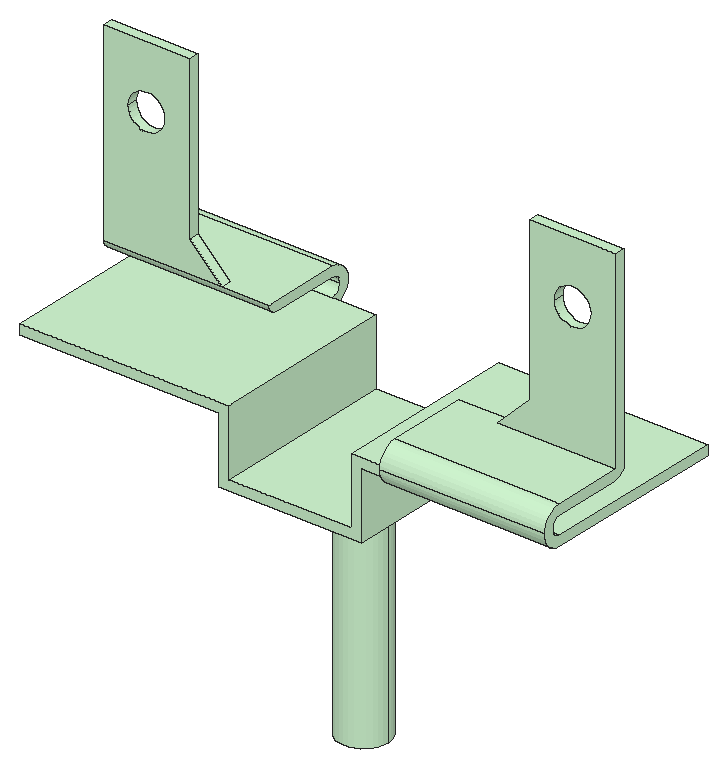
Revit family "パーテーション金具eT4015用　H=5.3", category 機械設備, Revit 2022
Family settings
  丸型コネクタ寸法 = 直径を使用
  種別 = なし
  パーツ タイプ = 標準
  作業面ベース = いいえ
  常に垂直 = はい
  ロード時にボイドで切り取り = いいえ
  注釈の向きを維持 = いいえ
  共有 = いいえ
  部屋計算ポイント = いいえ
Parameters
  製造元 = "株式会社桐井製作所"
  既定の高さ = 0 mm
  URL = "https://www.kirii.co.jp/"
  K_材質 = "SUS304"
  K_品名 = "パーテーション金具eT4015用 H=5.3"
  K_名称 = "パーテーション金具"
  K_入数 = "500"
  K_バージョン情報 = "20250901"
Reference planes
  plane 1 "中心(正面/背面)": y = 0
  plane 2: z = 0
  plane 3 "中心(左/右)": x = 0
Forms (mm)
  Extrusion 1, solid
    sketch origin (0, 0, 0) x (1, 0, 0) y (0, 0, 1)
      loop
        line (-5, 0) -> (-21.958, 0) -> (-21.958, -0.8) -> (-5.8, -0.8) -> (-5.8, -6.2) -> (5.8, -6.2) -> (5.8, -0.8) -> (21.942, -0.8) -> (21.942, 0) -> (5, 0) -> (5, -5.4) -> (-5, -5.4) -> (-5, 0)
    from -7.5 to 7.5
  Extrusion 2, solid
    sketch origin (0, 0, 0) x (0, -1, 0) y (0, 0, 1)
      loop
        line (2, 1.5) -> (7.5, 1.5)
        arc (7.5, 1.5) -> (8.03, 1.28) -> (8.25, 0.75) r 0.75
        arc (8.25, 0.75) -> (8.03, 0.22) -> (7.5, 0) r 0.75
        line (7.5, 0) -> (7.5, -0.8)
        arc (7.5, -0.8) -> (8.596, -0.346) -> (9.05, 0.75) r 1.55
        arc (9.05, 0.75) -> (8.596, 1.846) -> (7.5, 2.3) r 1.55
        line (7.5, 2.3) -> (1.8, 2.3) -> (1.8, 18.002) -> (1, 18.002) -> (1, 2.296)
        arc (1, 2.296) -> (1.361, 1.723) -> (2, 1.5) r 1.026
    from -21.942 to -8.542
  Extrusion 3, void
    sketch origin (0, 0, 0) x (-1, 0, 0) y (0, 0, 1)
      loop
        line (-8.542, 18.002) -> (-14.942, 18.002) -> (-14.942, 4.9) -> (-12.342, 2.3) -> (-8.542, 2.3) -> (-8.542, 18.002)
    from -1.8 to -1
  Extrusion 4, solid
    sketch origin (0, 0, 0) x (0, 1, 0) y (0, 0, 1)
      loop
        line (2, 1.5) -> (7.5, 1.5)
        arc (7.5, 1.5) -> (8.03, 1.28) -> (8.25, 0.75) r 0.75
        arc (8.25, 0.75) -> (8.03, 0.22) -> (7.5, 0) r 0.75
        line (7.5, 0) -> (7.5, -0.8)
        arc (7.5, -0.8) -> (8.596, -0.346) -> (9.05, 0.75) r 1.55
        arc (9.05, 0.75) -> (8.596, 1.846) -> (7.5, 2.3) r 1.55
        line (7.5, 2.3) -> (1.8, 2.3) -> (1.8, 18.002) -> (1, 18.002) -> (1, 2.296)
        arc (1, 2.296) -> (1.361, 1.723) -> (2, 1.5) r 1.026
    from -21.958 to -8.558
  Extrusion 5, void
    sketch origin (0, 0, 0) x (1, 0, 0) y (0, 0, 1)
      loop
        line (-8.558, 18.002) -> (-14.958, 18.002) -> (-14.958, 4.9) -> (-12.358, 2.3) -> (-8.558, 2.3) -> (-8.558, 18.002)
    from -1.8 to -1
  Extrusion 6, solid
    sketch origin (0, 0, 0) x (1, 0, 0) y (0, 1, 0)
      loop
        circle (-0.008, 0) r 3.5
    from -6.5 to -6.2
  Extrusion 7, solid
    sketch origin (0, 0, 0) x (1, 0, 0) y (0, 1, 0)
      loop
        circle (-0.008, 0) r 2
    from -25.4 to -6.5
  Extrusion 8, void
    sketch origin (-1.708, 0, 0) x (1, 0, 0) y (0, 0, 1)
      loop
        circle (-16.75, 12.9) r 1.5
    from -1.8 to -1
  Extrusion 9, void
    sketch origin (35.192, 0, 0) x (1, 0, 0) y (0, 0, 1)
      loop
        circle (-16.75, 12.9) r 1.5
    from 1 to 1.8
Cuts and joins
  Extrusion 3, Extrusion 8, Extrusion 9 cuts Extrusion 1
  Extrusion 3, Extrusion 8, Extrusion 9 cuts Extrusion 2
  Extrusion 5, Extrusion 8, Extrusion 9 cuts Extrusion 4
  Extrusion 8, Extrusion 9 cuts Extrusion 6
  Extrusion 8, Extrusion 9 cuts Extrusion 7
  joined: Extrusion 1, Extrusion 2, Extrusion 4, Extrusion 6, Extrusion 7
Dimensions and locks
  aligned and locked: level to plane 2
